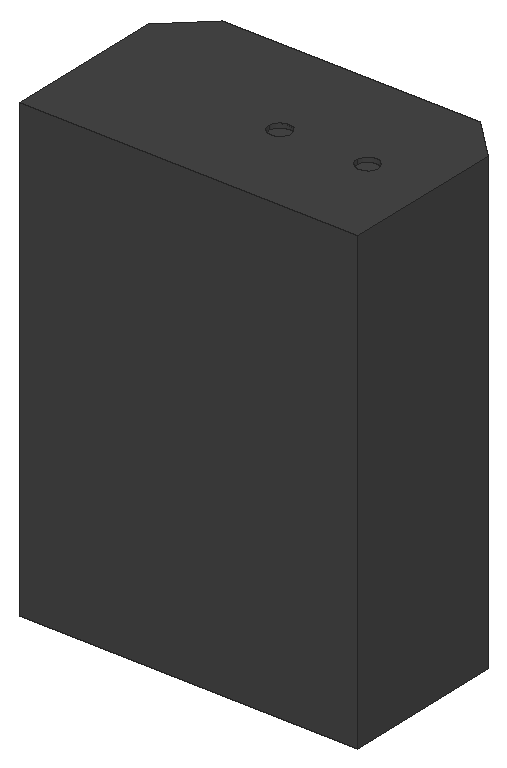
Revit family "SP4182_Revit", category Mechanical Equipment, Revit 2014
Parameters (values of type "Standard")
  d71 = 0' - 0"
  d65 = 0' - 0"
  d60 = 0' - 0"
  d37 = 0' - 0 1/4"
  d35 = 0' - 0 1/4"
  URL = "www.neptronic.com"
  Part Number = "SP4182_Revit"
  Model = "SK310, SK314, SK320, SK330"
  Manufacturer = "Neptronic"
  Extrusion_End_1 = -d60  # 0' - 0"
  Designer = "Antoine"
  Design Status = 1
  Description = "Electric Resistive humidifier"
  Date Created = "2014-08-06 15:51:08"
  Connector_5_Diameter = 0' - 0"
  Connector_4_Diameter = 0' - 0"
  Connector_3_Diameter = 0' - 0"
  Connector_2_Diameter = 0' - 0"
  Connector_1_Diameter = 0' - 0"
  Author = "Antoine"
Reference planes (in)
  plane 1 "Center (Front/Back)": y = 0
  plane 2: z = 0
  plane 3 "Center (Left/Right)": x = 0
  plane 4: z = 25.561
  plane 5: z = 25.561
  plane 6: z = 25.311
  plane 7: z = 25.561
  plane 8: z = 25.311
Forms (in)
  Sweep 1, solid
    path in 3D
      loop
        line (-10.5003, 3.75715, -2.939) -> (-10.5003, 3.75715, 25.561)
    profile origin (-10.5003, 3.75715, 25.561) x (0, -1, 0) y (1, 0, 0)
      loop
        line (0, 0) -> (10.00715, 0) -> (10.00715, 21.0003) -> (-0.04232, 21.0003) -> (-2.51382, 18.5288) -> (-2.51382, 2.51382) -> (0, 0)
  Extrusion 2, void
    sketch origin (0, 0, 25.561) x (-1, 0, 0) y (0, -1, 0)
      loop
        circle (-1.0015, 0.445) r 0.6875
    from 0 to -0.25
  Extrusion 3, void
    sketch origin (0, 0, 25.561) x (-1, 0, 0) y (0, -1, 0)
      loop
        circle (-6.438, 0.445) r 0.6875
    from 0 to -0.25
  Extrusion 4, void
    sketch origin (-10.5003, 3.75715, -2.939) x (1, 0, 0) y (0, -1, 0)
      loop
        circle (9.0003, 8.25715) r 0.25
      loop
        circle (7.2503, 8.25715) r 0.375
      loop
        circle (2.5003, 4.75715) r 0.4375
      loop
        circle (2.5003, 1.75715) r 0.4375
    from 0 to -0.25
  Extrusion 5, solid
    sketch origin (-10.5003, 3.75715, -2.939) x (1, 0, 0) y (0, -1, 0)
      loop
        circle (16.8753, 0.25715) r 0.375
    from 0 to 0.25
  Extrusion 6, solid
    sketch origin (-7.98648, 6.27097, -2.939) x (0, 0, 1) y (1, 0, 0)
      loop
        line (3, 2.375) -> (3, 0.125) -> (27, 0.125) -> (27, 2.375) -> (3, 2.375)
    from 0 to 0.125
Cuts and joins
  Extrusion 2, Extrusion 3, Extrusion 4 cuts Sweep 1
  joined: Sweep 1, Extrusion 5, Extrusion 6
Lines and regions (in)
  reference lines
    curve 1: line (-10.5003, 3.75715, 25.561) -> (-10.5003, -6.25, 25.561)
    curve 2: line (-10.5003, -6.25, 25.561) -> (10.5, -6.25, 25.561)
    curve 3: line (10.5, -6.25, 25.561) -> (10.5, 3.79947, 25.561)
    curve 4: line (10.5, 3.79947, 25.561) -> (8.0285, 6.27097, 25.561)
    curve 5: line (8.0285, 6.27097, 25.561) -> (-7.98648, 6.27097, 25.561)
    curve 6: line (-7.98648, 6.27097, 25.561) -> (-10.5003, 3.75715, 25.561)
    curve 7: line (-10.5003, 3.75715, -2.939) -> (-10.5003, 3.75715, 25.561)
    curve 8: line (-10.5003, 3.75715, -2.939) -> (-10.5003, 3.75715, 25.561)
    curve 10: circle (1.0015, -0.445, 25.561) r 0.6875 normal (0, 0, 1)
    curve 11: circle (6.438, -0.445, 25.561) r 0.6875 normal (0, 0, 1)
    curve 12: circle (-1.5, -4.5, -2.939) r 0.25 normal (0, 0, -1)
    curve 13: circle (-3.25, -4.5, -2.939) r 0.375 normal (0, 0, -1)
    curve 14: circle (-8, -1, -2.939) r 0.4375 normal (0, 0, -1)
    curve 15: circle (-8, 2, -2.939) r 0.4375 normal (0, 0, -1)
    curve 16: circle (6.375, 3.5, -2.939) r 0.375 normal (0, 0, -1)
    curve 17: line (-5.61148, 6.27097, 0.061) -> (-7.86148, 6.27097, 0.061)
    curve 18: line (-7.86148, 6.27097, 24.061) -> (-7.86148, 6.27097, 0.061)
    curve 19: line (-5.61148, 6.27097, 24.061) -> (-7.86148, 6.27097, 24.061)
    curve 20: line (-5.61148, 6.27097, 0.061) -> (-5.61148, 6.27097, 24.061)
  sketch lines
    curve 9: line (-10.5003, 3.75715, -2.939) -> (-10.5003, 3.75715, 25.561)
Dimensions and locks (in)
  "d37": plane 6 to plane 5
  "d35": plane 8 to plane 7
  aligned and locked: plane 2 to level
  aligned and locked: Sweep 1 sketch curve to curve 1
  aligned and locked: Sweep 1 sketch curve to curve 2
  aligned and locked: Sweep 1 sketch curve to curve 3
  aligned and locked: Sweep 1 sketch curve to curve 4
  aligned and locked: Sweep 1 sketch curve to curve 5
  aligned and locked: Sweep 1 sketch curve to curve 6
  aligned and locked: curve 9 to curve 7
  aligned and locked: Extrusion 2 to plane 6
  aligned and locked: plane 5 to Extrusion 2
  aligned and locked: Extrusion 2 sketch curve to curve 10  (x2)
  aligned and locked: Extrusion 3 to plane 8
  aligned and locked: plane 7 to Extrusion 3
  aligned and locked: Extrusion 3 sketch curve to curve 11  (x2)
  aligned and locked: Extrusion 4 sketch curve to curve 12  (x2)
  aligned and locked: Extrusion 4 sketch curve to curve 13  (x2)
  aligned and locked: Extrusion 4 sketch curve to curve 14  (x2)
  aligned and locked: Extrusion 4 sketch curve to curve 15  (x2)
  aligned and locked: Extrusion 5 sketch curve to curve 16  (x2)
  aligned and locked: Extrusion 6 sketch curve to curve 17
  aligned and locked: Extrusion 6 sketch curve to curve 18
  aligned and locked: Extrusion 6 sketch curve to curve 19
  aligned and locked: Extrusion 6 sketch curve to curve 20
Connectors (in)
  hvac at (6.438, -0.445, 25.561), driven by "Connector_1_Diameter"
    settings: on cut or joined group of Sweep 1, Extrusion 2, Extrusion 3, Extrusion 4, Extrusion 5, Extrusion 6, index 1, duct flow 0 CFM, flow factor 0, pres drop 0.00 in-wg, loss coef 0, conn angle 0.00°, conn width 12", conn height 12", conn diameter 0", duct sys type 1, conn prof type 0, flow config 1, flow direction 2, loss method 0, conn ref index -1, conn util no, is conn primary yes, conn desc "Steam outlet 1 of 2   1 3/8''"
  hvac at (1.0015, -0.445, 25.561), driven by "Connector_2_Diameter"
    settings: on cut or joined group of Sweep 1, Extrusion 2, Extrusion 3, Extrusion 4, Extrusion 5, Extrusion 6, index 2, duct flow 0 CFM, flow factor 0, pres drop 0.00 in-wg, loss coef 0, conn angle 0.00°, conn width 12", conn height 12", conn diameter 0", duct sys type 1, conn prof type 0, flow config 1, flow direction 2, loss method 0, conn ref index -1, conn util no, is conn primary no, conn desc "Steam Outlet 2 of 2  1 3/8''"
  piping at (6.375, 3.5, -3.189), driven by "Connector_3_Diameter"
    settings: on cut or joined group of Sweep 1, Extrusion 2, Extrusion 3, Extrusion 4, Extrusion 5, Extrusion 6, index 3, connector diameter 0", connector inside diameter 24", connector length 0' - 0", flow factor 0, pipe flow 0 GPM, pressure drop 0.00 psi, fitting loss kfactor 0, connector angle 0.00°, fixture units 0, engagement length 0' - 0", angle of deflection 0.00°, flow configuration 1, flow direction 1, fitting loss method 0, system type 20, joint type 0, gender type 0, connector reference index -1, connector utility 0, adjustable connector no, is connector primary yes, connector description "Water inlet 3/4'' G"
  piping at (-1.5, -4.5, -2.939), driven by "Connector_4_Diameter"
    settings: on cut or joined group of Sweep 1, Extrusion 2, Extrusion 3, Extrusion 4, Extrusion 5, Extrusion 6, index 4, connector diameter 0", connector inside diameter 24", connector length 0' - 0", flow factor 0, pipe flow 0 GPM, pressure drop 0.00 psi, fitting loss kfactor 0, connector angle 0.00°, fixture units 0, engagement length 0' - 0", angle of deflection 0.00°, flow configuration 1, flow direction 2, fitting loss method 0, system type 16, joint type 0, gender type 0, connector reference index -1, connector utility 0, adjustable connector no, is connector primary no, connector description "Pan drip drain outlet 1/2''"
  piping at (-3.25, -4.5, -2.939), driven by "Connector_5_Diameter"
    settings: on cut or joined group of Sweep 1, Extrusion 2, Extrusion 3, Extrusion 4, Extrusion 5, Extrusion 6, index 5, connector diameter 0", connector inside diameter 24", connector length 0' - 0", flow factor 0, pipe flow 0 GPM, pressure drop 0.00 psi, fitting loss kfactor 0, connector angle 0.00°, fixture units 0, engagement length 0' - 0", angle of deflection 0.00°, flow configuration 1, flow direction 2, fitting loss method 0, system type 16, joint type 0, gender type 0, connector reference index -1, connector utility 0, adjustable connector no, is connector primary no, connector description "Main drain outlet 3/4''"
  electrical at (-8, -1, -2.939)
    settings: on cut or joined group of Sweep 1, Extrusion 2, Extrusion 3, Extrusion 4, Extrusion 5, Extrusion 6, index 6, voltage 0 V, apparent load 0 VA, apparent load phase1 0 VA, apparent load phase2 0 VA, apparent load phase3 0 VA, power factor 1, load classification "Other", number of poles 1, system type 13, power factor state 1, is connector primary yes, connector utility no, sub classification motor no, connector description "Low voltage control inlet (KO)"
  electrical at (-8, 2, -2.939)
    settings: on cut or joined group of Sweep 1, Extrusion 2, Extrusion 3, Extrusion 4, Extrusion 5, Extrusion 6, index 7, voltage 0 V, apparent load 0 VA, apparent load phase1 0 VA, apparent load phase2 0 VA, apparent load phase3 0 VA, power factor 0, load classification "Other", number of poles 1, system type 30, power factor state 1, is connector primary no, connector utility no, sub classification motor no, connector description "Power supply inlet (KO)"
